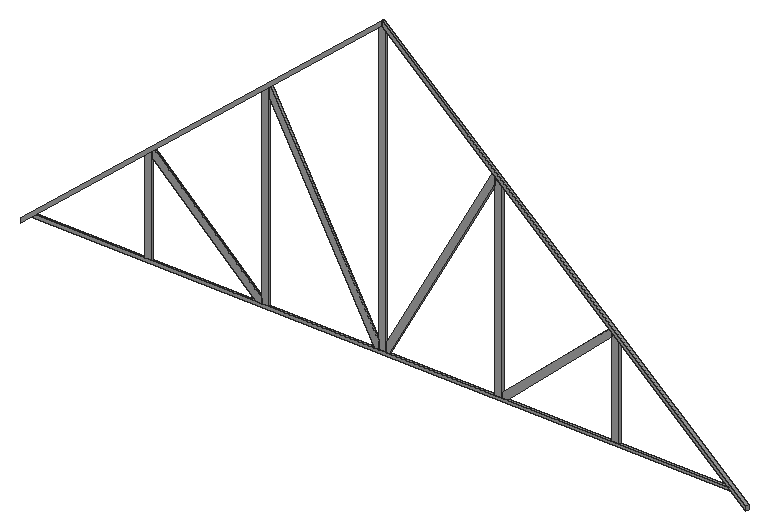
Revit family "DoubleHoweTruss", category Structural Framing, Revit 2020
Family settings
  Section Shape = Not Defined
  Material for Model Behavior = Wood
  Always export as geometry = No
  OmniClass Number = 23.25.30.21.14
  OmniClass Title = Trussed Beams and Joists
  Work Plane-Based = No
  Always vertical = Yes
  Cut with Voids When Loaded = No
  Symbolic Representation = From Family
  Shared = No
  Show family pre-cut in plan views = Yes
Parameters
  WebWidth [instance] = 50 mm
  WebDepth [instance] = 200 mm
  T_Volume [instance] = 0.00 m³
  TopWidth [instance] = 80 mm
  Structural Material [instance] = Poche
  SpanRight [instance] = 10000 mm
  SpanLeft [instance] = 10000 mm
  Span [instance] = SpanLeft + SpanRight  # 20000 mm
  SlopeRight [instance] = 40.00°
  SlopeLeft [instance] = 40.00°
  OverhangRight [instance] = 300 mm
  OverhangLeft [instance] = 400 mm
  TopDepth [instance] = 100 mm
  BottomWidth [instance] = 50 mm
  BottomDepth [instance] = 100 mm
Reference planes
  plane 1 "Center (Front/Back)": y = 0
  plane 2: z = 0
  plane 3 "Center (Left/Right)": x = 0
  plane 4: x = -10000
  plane 5: x = 10000
  plane 6: x = 10400
  plane 7: x = -10300
  plane 8: z = 100
  plane 9: x = 3333.333
  plane 10: x = 6666.667
  plane 11: x = -3333.333
  plane 12: x = -6666.667
  plane 13: x = -6766.667
  plane 14: x = -6566.667
  plane 15: x = -3433.333
  plane 16: x = -3233.333
  plane 17: x = -100
  plane 18: x = 100
  plane 19: x = 3233.333
  plane 20: x = 3433.333
  plane 21: x = 6566.667
  plane 22: x = 6766.667
Forms (mm)
  Extrusion 1, solid, material "Cherry"
    sketch origin (0, 0, 0) x (1, 0, 0) y (0, 0, 1)
      loop
        line (-6766.667, 2713.089) -> (-6766.667, 100) -> (-6566.667, 100) -> (-6566.667, 2880.909) -> (-6766.667, 2713.089)
    from -25 to 25
  Extrusion 2, solid, material "Cherry"
    sketch origin (0, 0, 0) x (1, 0, 0) y (0, 0, 1)
      loop
        line (-3233.333, 5677.908) -> (-3433.333, 5510.088) -> (-3433.333, 100) -> (-3233.333, 100) -> (-3233.333, 5677.908)
    from -25 to 25
  Extrusion 3, solid, material "Cherry"
    sketch origin (0, 0, 0) x (1, 0, 0) y (0, 0, 1)
      loop
        line (100, 8307.086) -> (0, 8390.996) -> (-100, 8307.086) -> (-100, 100) -> (100, 100) -> (100, 8307.086)
    from -25 to 25
  Extrusion 4, solid, material "Cherry"
    sketch origin (0, 0, 0) x (1, 0, 0) y (0, 0, 1)
      loop
        line (3433.333, 5510.088) -> (3233.333, 5677.908) -> (3233.333, 100) -> (3433.333, 100) -> (3433.333, 5510.088)
    from -25 to 25
  Extrusion 5, solid, material "Cherry"
    sketch origin (0, 0, 0) x (1, 0, 0) y (0, 0, 1)
      loop
        line (6766.667, 2713.089) -> (6566.667, 2880.909) -> (6566.667, 100) -> (6766.667, 100) -> (6766.667, 2713.089)
    from -25 to 25
  Extrusion 6, solid, material "Cherry"
    sketch origin (0, 0, 0) x (1, 0, 0) y (0, 0, 1)
      loop
        line (-3583.983, 100) -> (-3433.333, 100) -> (-3433.333, 233.705) -> (-6489.229, 2945.886) -> (-6566.667, 2880.909) -> (-6566.667, 2747.204) -> (-3583.983, 100)
    from -25 to 25
  Extrusion 7, solid, material "Cherry"
    sketch origin (0, 0, 0) x (1, 0, 0) y (0, 0, 1)
      loop
        line (-100, 304.183) -> (-3155.38, 5743.318) -> (-3233.333, 5677.908) -> (-3233.333, 5473.725) -> (-214.698, 100) -> (-100, 100) -> (-100, 304.183)
    from -25 to 25
  Extrusion 8, solid, material "Cherry"
    sketch origin (0, 0, 0) x (1, 0, 0) y (0, 0, 1)
      loop
        line (214.698, 100) -> (3233.333, 5473.725) -> (3233.333, 5677.908) -> (3155.38, 5743.318) -> (100, 304.183) -> (100, 100) -> (214.698, 100)
    from -25 to 25
  Extrusion 9, solid, material "Cherry"
    sketch origin (0, 0, 0) x (1, 0, 0) y (0, 0, 1)
      loop
        line (3583.983, 100) -> (6566.667, 2747.204) -> (6566.667, 2880.909) -> (6489.229, 2945.886) -> (3433.333, 233.705) -> (3433.333, 100) -> (3583.983, 100)
    from -25 to 25
  Extrusion 10, solid, material "Cherry"
    sketch origin (0, 0, 0) x (1, 0, 0) y (0, 0, 1)
      loop
        line (10400, -335.64) -> (10400, -205.099) -> (0, 8521.537) -> (0, 8390.996) -> (10400, -335.64)
    from -40 to 40
  Extrusion 11, solid, material "Cherry"
    sketch origin (0, 0, 0) x (1, 0, 0) y (0, 0, 1)
      loop
        line (-10300, -121.189) -> (-10300, -251.73) -> (0, 8390.996) -> (0, 8521.537) -> (-10300, -121.189)
    from -40 to 40
  Extrusion 12, solid, material "Cherry"
    sketch origin (0, 0, 0) x (1, 0, 0) y (0, 0, 1)
      loop
        line (-10000, 0) -> (10000, 0) -> (9880.825, 100) -> (-9880.825, 100) -> (-10000, 0)
    from -25 to 25
Lines and regions (mm)
  reference lines
    curve 1: line (10000, 0, 0) -> (0, 0, 8390.996)
    curve 2: line (-10000, 0, 0) -> (0, 0, 8390.996)
    curve 3: line (10001.738, 0, 129.083) -> (-8.024, 0, 8528.27)
    curve 4: line (-9999.444, 0, 131.007) -> (-134.65, 0, 8408.552)
    curve 5: line (0, 40, 1939.254) -> (0, 40, -520.746)
    curve 6: line (0, -40, 1939.254) -> (0, -40, -520.746)
    curve 7: line (0, -25, 1939.254) -> (0, -25, -520.746)
    curve 8: line (0, -25, 1939.254) -> (0, -25, -520.746)
    curve 9: line (0, 25, 1939.254) -> (0, 25, -520.746)
    curve 10: line (0, 25, 1939.254) -> (0, 25, -520.746)
    curve 11: line (100, 0, 100) -> (3233.333, 0, 5677.908)
    curve 12: line (3433.333, 0, 100) -> (6566.667, 0, 2880.909)
    curve 13: line (-100, 0, 100) -> (-3233.333, 0, 5677.908)
    curve 14: line (-3433.333, 0, 100) -> (-6566.667, 0, 2880.909)
    curve 15: line (-3366.954, 0, 174.792) -> (-6500.287, 0, 2955.7)
    curve 16: line (-3499.713, 0, 25.208) -> (-6633.046, 0, 2806.117)
    curve 17: line (-12.814, 0, 148.976) -> (-3146.147, 0, 5726.883)
    curve 18: line (-187.186, 0, 51.024) -> (-3320.519, 0, 5628.932)
    curve 19: line (12.814, 0, 148.976) -> (3146.147, 0, 5726.883)
    curve 20: line (187.186, 0, 51.024) -> (3320.519, 0, 5628.932)
    curve 21: line (3366.954, 0, 174.792) -> (6500.287, 0, 2955.7)
    curve 22: line (3499.713, 0, 25.208) -> (6633.046, 0, 2806.117)
Dimensions and locks
  "SpanLeft": plane 3 "Center (Left/Right)" to plane 5
  "SpanRight": plane 3 "Center (Left/Right)" to plane 4
  "OverhangLeft": plane 5 to plane 6
  "OverhangRight": plane 7 to plane 4
  "BottomDepth": level to plane 8
  "TopDepth": curve 1 to curve 3
  "TopDepth": curve 4 to curve 2
  equal spacing: curve 5, curve 4, curve 6
  "TopWidth": curve 5 to curve 6
  equal spacing: curve 9, curve 4, curve 7
  "WebWidth": curve 9 to curve 7
  equal spacing: curve 10, curve 4, curve 8
  "BottomWidth": curve 10 to curve 8
  equal spacing: plane 4, plane 12, plane 11, plane 3 "Center (Left/Right)"
  equal spacing: plane 5, plane 10, plane 9, plane 3 "Center (Left/Right)"
  equal spacing: plane 14, plane 12, plane 13
  equal spacing: plane 16, plane 11, plane 15
  equal spacing: plane 18, plane 3 "Center (Left/Right)", plane 17
  equal spacing: plane 20, plane 9, plane 19
  equal spacing: plane 22, plane 10, plane 21
  "WebDepth": plane 14 to plane 13
  "WebDepth": plane 16 to plane 15
  "WebDepth": plane 18 to plane 17
  "WebDepth": plane 20 to plane 19
  "WebDepth": plane 22 to plane 21
  equal spacing: curve 15, curve 14, curve 16
  "WebDepth": curve 15 to curve 16
  equal spacing: curve 17, curve 13, curve 18
  "WebDepth": curve 17 to curve 18
  equal spacing: curve 20, curve 11, curve 19
  "WebDepth": curve 20 to curve 19
  equal spacing: curve 22, curve 12, curve 21
  "WebDepth": curve 22 to curve 21
  "SlopeLeft": angle level to curve 1
  "SlopeRight": angle curve 2 to level
  aligned and locked: plane 2 to level
  aligned and locked: plane 3 "Center (Left/Right)" to curve 1
  aligned and locked: plane 5 to curve 1
  aligned and locked: curve 1 to level
  aligned and locked: level to curve 2
  aligned and locked: Extrusion 1 sketch curve to plane 13
  aligned and locked: plane 14 to Extrusion 1 sketch curve
  aligned and locked: Extrusion 1 sketch curve to plane 8
  aligned and locked: curve 2 to Extrusion 1 sketch curve
  aligned and locked: plane 16 to Extrusion 2 sketch curve
  aligned and locked: Extrusion 2 sketch curve to plane 15
  aligned and locked: Extrusion 2 sketch curve to plane 8
  aligned and locked: curve 2 to Extrusion 2 sketch curve
  aligned and locked: plane 18 to Extrusion 3 sketch curve
  aligned and locked: Extrusion 3 sketch curve to plane 17
  aligned and locked: Extrusion 3 sketch curve to plane 8
  aligned and locked: curve 1 to Extrusion 3 sketch curve
  aligned and locked: curve 2 to Extrusion 3 sketch curve
  aligned and locked: plane 20 to Extrusion 4 sketch curve
  aligned and locked: Extrusion 4 sketch curve to plane 19
  aligned and locked: Extrusion 4 sketch curve to plane 8
  aligned and locked: curve 1 to Extrusion 4 sketch curve
  aligned and locked: plane 22 to Extrusion 5 sketch curve
  aligned and locked: Extrusion 5 sketch curve to plane 21
  aligned and locked: Extrusion 5 sketch curve to plane 8
  aligned and locked: curve 1 to Extrusion 5 sketch curve
  aligned and locked: curve 16 to Extrusion 6 sketch curve
  aligned and locked: curve 15 to Extrusion 6 sketch curve
  aligned and locked: curve 2 to Extrusion 6 sketch curve
  aligned and locked: Extrusion 1 to Extrusion 6 sketch curve
  aligned and locked: Extrusion 2 to Extrusion 6 sketch curve
  aligned and locked: Extrusion 6 sketch curve to plane 8
  aligned and locked: curve 17 to Extrusion 7 sketch curve
  aligned and locked: curve 18 to Extrusion 7 sketch curve
  aligned and locked: Extrusion 3 to Extrusion 7 sketch curve
  aligned and locked: Extrusion 7 sketch curve to plane 8
  aligned and locked: curve 2 to Extrusion 7 sketch curve
  aligned and locked: Extrusion 2 to Extrusion 7 sketch curve
  aligned and locked: curve 20 to Extrusion 8 sketch curve
  aligned and locked: curve 19 to Extrusion 8 sketch curve
  aligned and locked: Extrusion 8 sketch curve to Extrusion 4
  aligned and locked: Extrusion 8 sketch curve to plane 8
  aligned and locked: Extrusion 8 sketch curve to Extrusion 3
  aligned and locked: curve 1 to Extrusion 8 sketch curve
  aligned and locked: curve 22 to Extrusion 9 sketch curve
  aligned and locked: curve 21 to Extrusion 9 sketch curve
  aligned and locked: curve 1 to Extrusion 9 sketch curve
  aligned and locked: Extrusion 9 sketch curve to plane 8
  aligned and locked: Extrusion 9 sketch curve to Extrusion 4
  aligned and locked: Extrusion 10 sketch curve to curve 1
  aligned and locked: Extrusion 10 sketch curve to curve 3
  aligned and locked: Extrusion 10 sketch curve to plane 3 "Center (Left/Right)"
  aligned and locked: Extrusion 10 sketch curve to plane 6
  aligned and locked: Extrusion 10 to curve 6
  aligned and locked: Extrusion 1 to curve 9
  aligned and locked: Extrusion 1 to curve 7
  aligned and locked: Extrusion 6 to curve 9
  aligned and locked: Extrusion 6 to curve 7
  aligned and locked: Extrusion 2 to Extrusion 1  (x2)
  aligned and locked: Extrusion 7 to Extrusion 1  (x2)
  aligned and locked: Extrusion 3 to Extrusion 2  (x2)
  aligned and locked: Extrusion 8 to Extrusion 1  (x2)
  aligned and locked: Extrusion 11 sketch curve to curve 4
  aligned and locked: Extrusion 11 sketch curve to curve 2
  aligned and locked: plane 7 to Extrusion 11 sketch curve
  aligned and locked: Extrusion 11 sketch curve to plane 3 "Center (Left/Right)"
  aligned and locked: Extrusion 11 to Extrusion 10
  aligned and locked: Extrusion 10 to Extrusion 11
  aligned and locked: Extrusion 12 sketch curve to level
  aligned and locked: Extrusion 12 sketch curve to plane 8
  aligned and locked: Extrusion 10 to Extrusion 12 sketch curve
  aligned and locked: Extrusion 11 to Extrusion 12 sketch curve
  aligned and locked: curve 10 to Extrusion 12
  aligned and locked: Extrusion 12 to curve 8
  aligned and locked: Extrusion 4 to curve 9
  aligned and locked: Extrusion 4 to curve 7
  aligned and locked: Extrusion 9 to curve 9
  aligned and locked: Extrusion 9 to curve 7
  aligned and locked: Extrusion 5 to curve 9
  aligned and locked: Extrusion 5 to curve 7
Automatic sketch dimensions
  Extrusion 9 sketch curve to plane 21 = 0 mm
  plane 14 to curve 14 = 0 mm
  curve 14 to plane 8 = 0 mm
  curve 14 to plane 15 = 0 mm
  plane 16 to curve 13 = 0 mm
  curve 13 to plane 8 = 0 mm
  curve 13 to plane 17 = 0 mm
  curve 11 to plane 8 = 0 mm
  plane 18 to curve 11 = 0 mm
  curve 11 to plane 19 = 0 mm
  curve 12 to plane 8 = 0 mm
  plane 20 to curve 12 = 0 mm
  curve 12 to plane 21 = 0 mm
  curve 4 to plane 4 = 0.556 mm
  curve 16 to plane 12 = 33.621 mm
  curve 15 to plane 14 = 66.379 mm
  level to curve 16 = 25.208 mm
  plane 11 to curve 15 = 33.621 mm
  curve 18 to plane 11 = 12.814 mm
  curve 17 to plane 16 = 87.186 mm
  curve 18 to plane 8 = 48.976 mm
  curve 4 to plane 17 = 34.65 mm
  curve 17 to plane 3 "Center (Left/Right)" = 12.814 mm
  curve 3 to plane 3 "Center (Left/Right)" = 8.024 mm
  plane 3 "Center (Left/Right)" to curve 19 = 12.814 mm
  curve 20 to plane 8 = 48.976 mm
  curve 19 to plane 19 = 87.186 mm
  curve 20 to plane 9 = 12.814 mm
  plane 9 to curve 21 = 33.621 mm
  level to curve 22 = 25.208 mm
  curve 21 to plane 21 = 66.379 mm
  curve 22 to plane 10 = 33.621 mm
  curve 3 to plane 5 = 1.738 mm
  curve 10 to level = 520.746 mm
  curve 5 to curve 10 = 0 mm
  curve 8 to curve 5 = 0 mm
  curve 8 to curve 6 = 0 mm  (x2)
  curve 6 to curve 7 = 0 mm  (x2)
  curve 9 to curve 5 = 0 mm  (x2)
  plane 8 to curve 6 = 1839.254 mm
  curve 6 to curve 9 = 0 mm
  curve 9 to curve 10 = 0 mm
